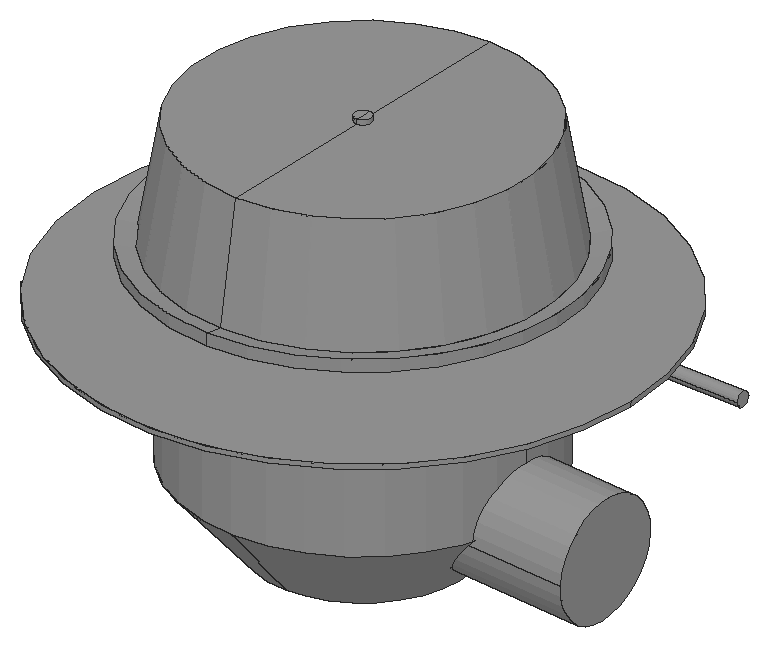
Revit family "HL_RU_Roof drain_HL64.1FSafe-B-221103", category Instalační zařizovací předměty, Revit 2021
Family settings
  Kóta kulaté spojky = Použít průměr
  Typ dílu = Normální
  Číslo OmniClass = 23.70.50.21.24.14
  Nadpis OmniClass = Deck Waste Water Drains
  Založené na pracovní rovině = Ne
  Vždy vertikální = Ano
  Ořezat dutým tvarem při načtení = Ne
  Sdílené = Ne
  Bod výpočtu místnosti = Ano
Parameters (values of type "HL_Кровельная воронка_HL64.1FSafe_1")
  РЕШЁТКА = "Laubfangkorb d 262 mm"
  РАЗМЕР = "DN110"
  ПРОПУСКНАЯ СПОСОБНОСТЬ [instance] = 0.0 L/s
  ПРОИЗВОДИТЕЛЬНОСТЬ = "l/s"
  ПРАВОВАЯ ИНФОРМАЦИЯ = "Авторские права(©), права на дизайн или какие либо другие права интелектуальной собственности являются исключительной собственностью компании HL Hutterer & Lechner. Изменению не подлежит. Файл семейства с данными о прозводителе изделия защищен паролем с водяным знаком."
  НОМИНАЛЬНЫЙ ДИАМЕТР = 75 mm
  МАТЕРИАЛ = "PP"
  ВЫСОТА МОНТАЖА = "150mm"
  ВЕС = "2,388 [kg]"
  Výchozí výška = 0 mm
  Výrobce = "HL Hutterer & Lechner GmbH"  # constant formula
  URL = "http://www.hutterer-lechner.com/ru/products/catalog/roof-drains/HL64.1FSafe/1.aspx"
  Материал плитка [instance] = none
  Přípoj ventilace = no
  Přípoj odpadních dílů = yes
  Přípoj HW = no
  Přípoj CW = no
  Popis = "Кровельные воронки"
  Model = "HL64.1FSafe_1"
  Assembly Code = " "
  Komentáře k typům = "HL64.1FSafe/1, Воронка для аварийного водостока с горизонтальным выпуском DN110 с электрообогревом, с корпусом из ПП, с возможностью регулировки толщины слоя воды"
  Keynote = "HL64.1FSafe_1"
  EAN = "9003076040971"
  Bысота монтажа [instance] = 28 mm  # constant formula
  G [instance] = 90.00°  # constant formula
  D [instance] = if(НОМИНАЛЬНЫЙ ДИАМЕТР = 75 mm, 162.8 mm, 178 mm)  # 162.8 mm
  C [instance] = if(Bысота монтажа - 68 mm < 0 mm, 0 mm, Bысота монтажа - 68 mm)  # 0 mm
  B [instance] = Bысота монтажа + if(НОМИНАЛЬНЫЙ ДИАМЕТР = 75 mm, 101 mm, 84 mm)  # 129 mm
  A [instance] = if(B - 100 mm > 15 mm, B - 100 mm, 15 mm)  # 29 mm
Types (3, lengths in mm): name | РАЗМЕР | ВЕС | URL | Model | Komentáře k typům | Keynote | EAN
  (no name) | "DN110" | "2,388 [kg]" | "http://www.hutterer-lechner.com/ru/products/catalog/roof-drains/HL64.1FSafe/1.aspx" | "HL64.1FSafe_1" | "HL64.1FSafe/1, Воронка для аварийного водостока с горизонтальным выпуском DN110 с электрообогревом, с корпусом из ПП, с возможностью регулировки толщины слоя воды" | "HL64.1FSafe_1" | "9003076040971"
  HL_Кровельная воронка_HL64.1FSafe_1 | "DN110" | "2,388 [kg]" | "http://www.hutterer-lechner.com/ru/products/catalog/roof-drains/HL64.1FSafe/1.aspx" | "HL64.1FSafe_1" | "HL64.1FSafe/1, Воронка для аварийного водостока с горизонтальным выпуском DN110 с электрообогревом, с корпусом из ПП, с возможностью регулировки толщины слоя воды" | "HL64.1FSafe_1" | "9003076040971"
  HL_Кровельная воронка_HL64.1FSafe_7 | "DN75" | "2,279 [kg]" | "http://www.hutterer-lechner.com/ru/products/catalog/roof-drains/HL64.1FSafe/7.aspx" | "HL64.1FSafe_7" | "HL64.1FSafe/7, Воронка для аварийного водостока с горизонтальным выпуском DN75 с электрообогревом, с корпусом из ПП, с возможностью регулировки толщины слоя воды" | "HL64.1FSafe_7" | "9003076040988"
Reference planes
  plane 1 "Center (Front/Back)": y = 0
  plane 2: z = 0
  plane 3 "Center (Left/Right)": x = 0
  plane 4: z = -129
  plane 5: z = -28
Lines and regions (mm)
  model lines, style "InvisibleLines"
    curve 1: line (0, 0, 0) -> (0, 0, 20)
  model lines, style "PlumbingFixtures", detail levels coarse+medium
    curve 2: line (0, 0, -129) -> (0, 0, -100)
    curve 3: line (0, 0, -100) -> (-100, 0, 0)
    curve 4: line (0, 0, -100) -> (100, 0, 0)
    curve 6: line (0, 0, -129) -> (162.8, 0, -129)
  reference lines, not visible
    curve 5: line (0, 0, -129) -> (162.8, 0, -129)
  symbolic lines, style "PlumbingFixtures", detail levels coarse+medium
    curve 7: line (-75, 75, 0) -> (75, 75, 0)
    curve 8: line (-75, -75, 0) -> (-75, 75, 0)
    curve 9: line (75, -75, 0) -> (-75, -75, 0)
    curve 10: line (75, 75, 0) -> (75, -75, 0)
    curve 11: line (-75, 75, 0) -> (-145.711, 145.711, 0)
    curve 12: line (75, 75, 0) -> (145.711, 145.711, 0)
    curve 13: line (-75, -75, 0) -> (-145.711, -145.711, 0)
    curve 14: line (75, -75, 0) -> (145.711, -145.711, 0)
  symbolic lines, style "PlumbingFixtures", not visible, detail levels coarse+medium
    curve 15: line (-75, 75, 0) -> (75, 75, 0)
    curve 16: line (-75, -75, 0) -> (-75, 75, 0)
    curve 17: line (75, -75, 0) -> (-75, -75, 0)
    curve 18: line (75, 75, 0) -> (75, -75, 0)
    curve 19: line (-75, 75, 0) -> (-145.711, 145.711, 0)
    curve 20: line (75, 75, 0) -> (145.711, 145.711, 0)
    curve 21: line (-75, -75, 0) -> (-145.711, -145.711, 0)
    curve 22: line (75, -75, 0) -> (145.711, -145.711, 0)
Text (mm)
  text "FLOOR" at (-162.344, 0, -10.979), in view "Drain Construction View"
Dimensions and locks
  "B": plane 2 to plane 4
  "Bысота монтажа": plane 2 to plane 5
  "A": curve 4 to plane 4
  "D": curve 5 to curve 5
  "D": curve 6 to curve 6
  locked: curve 4 to plane 3 "Center (Left/Right)" (angle 45.00°)
  locked: plane 3 "Center (Left/Right)" to curve 3 (angle 45.00°)
  "G": angle curve 5 to plane 3 "Center (Left/Right)"
  aligned and locked: level to plane 2
  aligned and locked: plane 2 to curve 4
  aligned and locked: plane 2 to curve 3
  aligned and locked: plane 4 to curve 5
  aligned and locked: plane 3 "Center (Left/Right)" to curve 5
  aligned and locked: plane 4 to curve 2
  aligned and locked: plane 3 "Center (Left/Right)" to curve 6
  aligned and locked: plane 4 to curve 6
  aligned and locked: nested 1 to plane 5
  aligned and locked: plane 3 "Center (Left/Right)" to nested 1
  aligned and locked: nested 2 to plane 2
  aligned and locked: plane 3 "Center (Left/Right)" to nested 2
Automatic sketch dimensions
  curve 2 to plane 3 "Center (Left/Right)" = 0 mm
  curve 1 to plane 3 "Center (Left/Right)" = 0 mm
  curve 1 to level = 0 mm
  level to curve 1 = 20 mm
Nested families
  nested 1: "HL_кровельные воронки - корпус_HL64.1F" at (0, 0, -27.538), НОМИНАЛЬНЫЙ ДИАМЕТР <- "НОМИНАЛЬНЫЙ ДИАМЕТР", type "HL_кровельные воронки - корпус_HL64.1F"
    with НОМИНАЛЬНЫЙ ДИАМЕТР 75 mm, Q02 93.275 mm, Q 150 mm, L 163 mm, B 101.5 mm, A 93.5 mm
  nested 2: "HL_Вспомогательные материалы-Противопожарная защита_HL062.1Safe" at (0, 0, 0), Bысота монтажа <- "Bысота монтажа", type "HL_Вспомогательные материалы-Противопожарная защита_HL062.1Safe"
    with Пропускная способность 0.0 L/s, L 58 mm, IHmin 28 mm, IHmax 68 mm, Bысота монтажа 28 mm
Connectors
  piping at (162.8, 0, -129), diameter 75, driven by "ПРОПУСКНАЯ СПОСОБНОСТЬ", driven by "НОМИНАЛЬНЫЙ ДИАМЕТР"
    settings: on curve 5, index 1, connector inside diameter 609.6 mm, connector length 0 mm, flow factor 0, pipe flow 0.0 L/s, pressure drop 0.0 Pa, fitting loss kfactor 0, connector angle 0.00°, fixture units 0, engagement length 0 mm, angle of deflection 0.00°, flow configuration 1, flow direction 2, fitting loss method 0, system type 16, joint type 0, gender type 0, connector reference index -1, connector utility 0, adjustable connector yes, is connector primary yes, connector description ""
Definition of nested family "HL_кровельные воронки - корпус_HL64.1F"
  Parameters (values of type "HL_кровельные воронки - корпус_HL64.1F")
    НОМИНАЛЬНЫЙ ДИАМЕТР [instance] = 110 mm
    Default Elevation = 0 mm
    Manufacturer = ""
    URL = ""
    Q02 [instance] = 93.275 mm
    Q [instance] = 150 mm
    Description = ""
    Model = ""
    L [instance] = if(НОМИНАЛЬНЫЙ ДИАМЕТР = 75 mm, 163 mm, if(НОМИНАЛЬНЫЙ ДИАМЕТР = 110 mm, 178 mm, 0 mm))  # 178 mm
    Type Comments = ""
    Cost = 0
    B [instance] = if(НОМИНАЛЬНЫЙ ДИАМЕТР = 75 mm, 101.5 mm, 84 mm)  # 84 mm
    A [instance] = if(НОМИНАЛЬНЫЙ ДИАМЕТР = 75 mm, 93.5 mm, 75 mm)  # 75 mm
  Reference planes
    plane 1 "Střed (vpředu/vzadu)": y = 0
    plane 2: z = 0
    plane 3 "Střed (vlevo/vpravo)": x = 0
  Forms (mm)
    Extrusion 1, solid, detail levels fine
      sketch origin (0.013, 0.012, 0) x (1, 0, 0) y (0, 1, 0)
        loop
          circle (0, 0) r 180
        loop
          circle (0, 0) r 78.913
      from -0.462 to -3.5
    Extrusion 2, solid, detail levels fine
      sketch origin (0.013, 0.012, -3.5) x (0, 1, 0) y (1, 0, 0)
        loop
          circle (0, 0) r 140
      from 0 to 18
    Extrusion 3, solid, detail levels fine
      sketch origin (0.013, 0.012, -21.5) x (-1, 0, 0) y (0, 1, 0)
        loop
          circle (0, 0) r 110
      from 0 to 73.906
    Blend 4, solid, detail levels fine
      base sketch origin (0.013, 0.012, -95.406) x (0, -1, 0) y (1, 0, 0)
        loop
          circle (0, 0) r 110
      top sketch origin (0.013, 0.012, -95.406) x (0, -1, 0) y (1, 0, 0)
        loop
          circle (0, 0) r 65
      from 0 to -53
    Revolve 5, void
      sketch origin (0.013, 0.012, 0) x (1, 0, 0) y (0, 0, 1)
        loop
          line (-78.913, 0) -> (-78.913, -16.281) -> (-74.694, -23.588) -> (-74.694, -24.914) -> (-75.511, -24.914) -> (-75.511, -30.304) -> (-64.679, -30.304) -> (-64.679, -32.804) -> (0, -32.804) -> (0, 0) -> (-78.913, 0)
        axis (0, 0) -> (0, -32.804)
      angle from 0 to 360
    Extrusion 6, solid, detail levels fine
      sketch origin (0, 0, 0) x (0, 1, 0) y (0, 0, 1)
        loop
          circle (70.204, -23.074) r 4.5
      from 55.926 to 199.171
    Extrusion 7, solid, detail levels fine
      sketch origin (179.265, 0, -54.515) x (0, -1, 0) y (-0.050562, 0, -0.998721)
        loop
          circle (0, 29.523) r 55
      from -0.044 to -100.795
  Cuts and joins
    Revolve 5 cuts Extrusion 1
    Revolve 5 cuts Extrusion 2
    Revolve 5 cuts Extrusion 3
  Lines and regions (mm)
    reference lines
      curve 1: line (0, 0, -75) -> (177.772, 0, -84)
  Dimensions and locks
    "B": plane 2 to curve 1
    "A": plane 2 to curve 1
    locked: curve 1 to plane 3 "Střed (vlevo/vpravo)" at 0
    "L": curve 1 to curve 1
    "НОМИНАЛЬНЫЙ ДИАМЕТР": diameter of Extrusion 7 sketch curve
    aligned and locked: level to plane 2
  Automatic sketch dimensions
    Extrusion 1 sketch curve to Extrusion 1 sketch curve = 0 mm  (x2)
    plane 3 "Střed (vlevo/vpravo)" to Extrusion 1 sketch curve = 0.013 mm
    Extrusion 1 sketch curve to plane 1 "Střed (vpředu/vzadu)" = 0.012 mm
    Revolve 5 sketch curve to level = 0 mm
    Revolve 5 sketch curve to plane 3 "Střed (vlevo/vpravo)" = 78.899 mm
    Revolve 5 sketch curve to Revolve 5 sketch curve = 3.401 mm
    Revolve 5 sketch curve to Revolve 5 sketch curve = 0.817 mm
    Revolve 5 sketch curve to Revolve 5 sketch curve = 10.833 mm
    plane 3 "Střed (vlevo/vpravo)" to Revolve 5 sketch curve = 0.013 mm  (x2)
    Revolve 5 sketch curve to level = 16.281 mm
    Revolve 5 sketch curve to Revolve 5 sketch curve = 7.307 mm
    Revolve 5 sketch curve to Revolve 5 sketch curve = 1.326 mm
    Revolve 5 sketch curve to Revolve 5 sketch curve = 5.39 mm
    Revolve 5 sketch curve to level = 32.804 mm
    level to Revolve 5 sketch curve = 25 mm
    Revolve 5 sketch curve to Revolve 5 sketch curve = 50 mm
    Extrusion 6 sketch curve to level = 23.074 mm
    Extrusion 6 sketch curve to plane 1 "Střed (vpředu/vzadu)" = 70.204 mm
    Extrusion 7 sketch curve to plane 1 "Střed (vpředu/vzadu)" = 0 mm
    radius of Extrusion 1 sketch curve = 180 mm
    radius of Extrusion 1 sketch curve = 78.913 mm
    radius of Extrusion 2 sketch curve to Extrusion 1 = 40 mm
    radius of Extrusion 3 sketch curve to Extrusion 2 = 30 mm
    radius of Blend 4 sketch curve to Extrusion 3 = 0 mm
    radius of Blend 4 sketch curve to Extrusion 3 = 45 mm
    radius of Extrusion 6 sketch curve = 4.5 mm
Definition of nested family "HL_Вспомогательные материалы-Противопожарная защита_HL062.1Safe"
  Parameters (values of type "HL_Вспомогательные материалы-Противопожарная защита_HL062.1Safe")
    РЕШЁТКА = "Laubfangkorb d 262 mm"
    ПРАВОВАЯ ИНФОРМАЦИЯ = "Авторские права(©), права на дизайн или какие либо другие права интелектуальной собственности являются исключительной собственностью компании HL Hutterer & Lechner. Изменению не подлежит. Файл семейства с данными о прозводителе изделия защищен паролем с водяным знаком."
    МАТЕРИАЛ = "PP"
    ВЕС = "1,25 [kg]"
    Default Elevation = 0 mm
    Manufacturer = "HL Hutterer & Lechner GmbH"
    URL = "http://www.hutterer-lechner.com/ru/products/catalog/roof-drains/HL062.1Safe.aspx"
    Материал плитка = none
    Description = "Кровельные воронки"
    Model = "HL062.1Safe"
    L [instance] = if(Bысота монтажа < IHmin, -100 mm, if(Bысота монтажа > IHmax, -100 mm, Bысота монтажа + 30 mm))  # 58 mm
    Type Comments = "HL062.1Safe, Вставка в воронку для аварийного водоотведения"
    Keynote = "HL062.1Safe"
    Bысота монтажа [instance] = 28 mm
    IHmin [instance] = 28 mm
    IHmax [instance] = 68 mm
    Пропускная способность [instance] = 0.0 L/s
    EAN = "9003076040605"
    Cost = 0
  Reference planes
    plane 1 "Střed (vpředu/vzadu)": y = 0
    plane 2: z = 0
    plane 3 "Střed (vlevo/vpravo)": x = 0
  Forms (mm)
    Revolve 1, solid, detail levels fine
      sketch origin (0, 0, 0) x (0, 1, 0) y (0, 0, 1)
        loop
          line (0, 81.1) -> (-5.25, 81.1) -> (-5.25, 78.5) -> (-106.614, 78.5) -> (-119.486, 5.5) -> (-101.611, 5.5) -> (-90.568, 68.124) -> (0, 68.124) -> (0, 81.1)
        axis (0, 81.1) -> (0, 5.5)
      angle from 0 to 360
    Extrusion 2, solid, detail levels fine
      sketch origin (0, 0, 68.124) x (-1, 0, 0) y (0, 1, 0)
        loop
          circle (-50, 0) r 11.945
      from 0 to 82.224
    Extrusion 3, solid, detail levels fine
      sketch origin (-100, 0, 68.124) x (-1, 0, 0) y (0, 1, 0)
        loop
          circle (-50, 0) r 11.945
      from 0 to 82.224
    Revolve 4, solid, detail levels fine
      sketch origin (0, 0, 0) x (0, 1, 0) y (0, 0, 1)
        loop
          line (-130.983, 7.735) -> (-130.983, 0) -> (-69.061, 0) -> (-64.445, -4.616) -> (-64.445, -65.123) -> (-63.068, -66.5) -> (-58.068, -66.5) -> (-58.068, -4.58) -> (-68.148, 5.5) -> (-119.486, 5.5) -> (-130.983, 7.735)
        axis (0, 7.735) -> (0, -66.5)
      angle from 0 to 360
    Revolve 5, solid, detail levels fine
      sketch origin (0, 69.895, -58) x (0, -1, 0) y (0, 0, -1)
        loop
          line (149.29, -29.5) -> (149.29, -9.5) -> (139.79, 0) -> (134.34, 0) -> (134.34, -44) -> (138.069, -44) -> (138.069, -29.5) -> (149.29, -29.5)
        axis (69.895, -44) -> (69.895, 0)
      angle from 0 to 360
  Lines and regions (mm)
    reference lines
      curve 1: line (0, 69.895, -58) -> (0, -190.105, -58)
  Dimensions and locks
    "L": curve 1 to plane 2
    aligned and locked: level to plane 2
  Automatic sketch dimensions
    Revolve 1 sketch curve to plane 1 "Střed (vpředu/vzadu)" = 0 mm  (x2)
    plane 1 "Střed (vpředu/vzadu)" to Revolve 1 sketch curve = 5.25 mm
    Revolve 1 sketch curve to Revolve 1 sketch curve = 85.318 mm
    level to Revolve 1 sketch curve = 5.5 mm
    Revolve 1 sketch curve to Revolve 1 sketch curve = 11.042 mm
    Revolve 1 sketch curve to Revolve 1 sketch curve = 16.046 mm
    Revolve 1 sketch curve to Revolve 1 sketch curve = 17.876 mm
    Revolve 1 sketch curve to Revolve 1 sketch curve = 62.624 mm
    Revolve 1 sketch curve to Revolve 1 sketch curve = 10.376 mm
    Revolve 1 sketch curve to Revolve 1 sketch curve = 2.6 mm
    Revolve 1 sketch curve to Revolve 1 sketch curve = 40 mm
    Revolve 1 sketch curve to Revolve 1 sketch curve = 25 mm
    Extrusion 2 sketch curve to Revolve 1 = 50 mm
    Revolve 1 to Extrusion 3 sketch curve = 50 mm
    level to Revolve 4 sketch curve = 0 mm
    Revolve 4 sketch curve to plane 1 "Střed (vpředu/vzadu)" = 0 mm
    plane 1 "Střed (vpředu/vzadu)" to Revolve 4 sketch curve = 58.068 mm
    Revolve 4 sketch curve to Revolve 4 sketch curve = 5 mm
    Revolve 4 sketch curve to Revolve 4 sketch curve = 1.377 mm  (x2)
    Revolve 4 sketch curve to Revolve 4 sketch curve = 3.703 mm
    Revolve 4 sketch curve to Revolve 4 sketch curve = 0.913 mm
    level to Revolve 4 sketch curve = 5.5 mm
    Revolve 4 sketch curve to Revolve 4 sketch curve = 50.425 mm
    Revolve 4 sketch curve to Revolve 4 sketch curve = 11.497 mm
    Revolve 4 sketch curve to level = 4.58 mm
    Revolve 4 sketch curve to level = 4.616 mm
    Revolve 4 sketch curve to Revolve 4 sketch curve = 60.507 mm
    level to Revolve 4 sketch curve = 7.735 mm
    Revolve 4 sketch curve to Revolve 4 sketch curve = 10 mm
    Revolve 4 sketch curve to Revolve 4 sketch curve = 35 mm
    Revolve 5 sketch curve to curve 1 = 0 mm
    curve 1 to Revolve 5 sketch curve = 44 mm
    Revolve 5 sketch curve to curve 1 = 125.66 mm
    Revolve 5 sketch curve to Revolve 5 sketch curve = 3.729 mm
    Revolve 5 sketch curve to Revolve 5 sketch curve = 5.45 mm
    Revolve 5 sketch curve to Revolve 5 sketch curve = 11.221 mm
    Revolve 5 sketch curve to Revolve 5 sketch curve = 14.5 mm
    curve 1 to Revolve 5 sketch curve = 9.5 mm
    curve 1 to Revolve 5 sketch curve = 69.895 mm
    Revolve 5 sketch curve to curve 1 = 15 mm
    Revolve 5 sketch curve to Revolve 5 sketch curve = 40 mm
    plane 1 "Střed (vpředu/vzadu)" to curve 1 = 190.105 mm
    curve 1 to plane 1 "Střed (vpředu/vzadu)" = 69.895 mm
    radius of Extrusion 2 sketch curve = 11.945 mm
    radius of Extrusion 3 sketch curve = 11.945 mm
